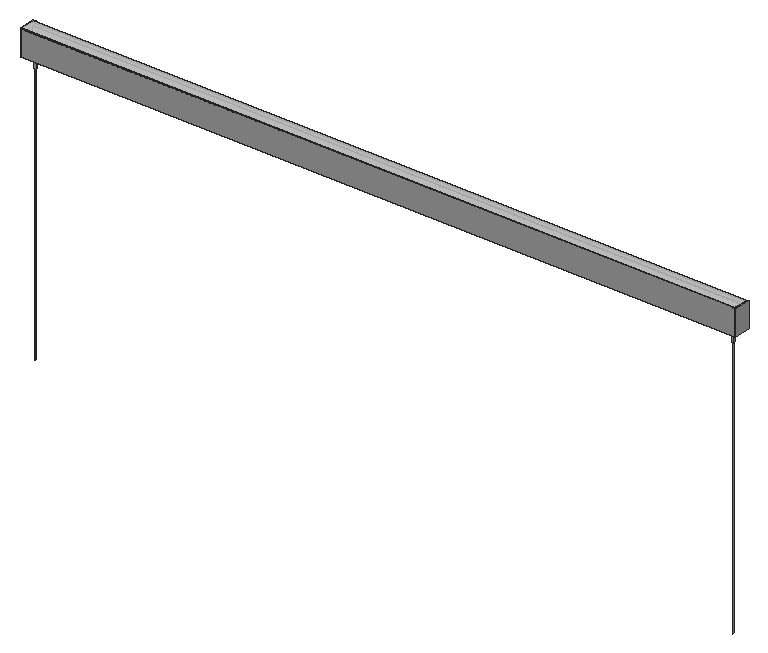
Revit family "2093150 Sylvania Lighting Fixture MC2-KIT 2-4M 3K DALIEM WHT OPAL", category Lighting Fixtures, host Face, Revit 2016
Family settings
  Host = Face
  Part Type = Normal
  Round Connector Dimension = Use Diameter
  OmniClass Number = 23.80.70.11.17
  OmniClass Title = Specialized Lighting by Location or Use
  Cut with Voids When Loaded = No
  Light Source = Yes
  Shared = No
  Room Calculation Point = No
Parameters (values of type "2093150 MC2-KIT 2.4M 3K DALIEM WHT OPAL Emergency mode")
  Width_SYL = 54.0 mm
  Weight = "6.4 kg"
  Wattage = 45 W
  WarrantyStartDate [instance] = "n/a"
  WarrantyGuarantorParts = "n/a"
  WarrantyDurationUnit = "n/a"
  WarrantyDurationParts = "n/a"
  WarrantyDescription = "n/a"
  built-in parameter 1150110 = 1 (stored number, unit not read)
  Voltage = 0 V
  URL = "http://www.sylvania-lighting.com"
  TypeName = "MC2-KIT 2.4M 3K DALIEM WHT OPAL Emergency mode"
  built-in parameter 1114217 = 1 (stored number, unit not read)
  Tilt Angle = -90.00°
  built-in parameter 1150109 = 1 (stored number, unit not read)
  built-in parameter 1150134 = (empty or 0)
  built-in parameter 1150113 = 1 (stored number, unit not read)
  SerialNumber [instance] = "n/a"
  PowerFactor = 0.98
  PowerConsumption = "45 W"
  NominalWidth = 0.0 mm
  NominalLength = 2400.0 mm
  NominalHeight = 86.0 mm
  Name = "MC2-KIT 2.4M 3K DALIEM WHT OPAL Emergency mode"
  ModelReference = "MC2-KIT 2.4M 3K DALIEM WHT OPAL"
  ModelNumber = "2093150"
  Material_3_SYL = Metal_Sylvania_Mini Contiuum II_Silver
  Photometric Web File = "2093150EM.ies"
  Material_4_SYL = Metal_Sylvania_Mini Contiuum II_Silver
  MountingHeight_SYL [instance] = 1000.0 mm
  Material = "aluminium housing, polycarbonate diffuser"
  ManufacturerName = "Feilo Sylvania"
  LuminousEfficacy = "2.688 lm/W"
  LuminaireType = ""
  LightOutputRatio = "100"
  Length_SYL = 2400.0 mm
  LampsType = Lamp  # "LED"
  LampNominalLuminous = "121 lm"
  LampMacAdamStep = "3"
  LampColourTemperature = "3000 K"
  LampColourRenderingIndex = "80"
  Keynote = "16500"
  InstallationDate [instance] = "n/a"
  InputVoltage = "n/a"
  InputNominalFrequency = "n/a"
  IngressProtection = "IP20"
  ImpactProtectionIndex = "n/a"
  IfcExportType = "IfcLightFixtureType"
  IfcExportAs = "IfcLightFixtureType"
  Height_SYL = 86.0 mm
  ExpectedLife = 50000
  Emit from Rectangle Width = Width_SYL - 2.0 mm  # 52.0 mm
  Emit from Rectangle Length = Length_SYL  # 2400.0 mm
  Emit Shape Visible in Rendering = no
  ElectricShockClassification = "Class I"
  DurationUnit = "hours"
  DocumentationLiterature = "http://www.sylvania-lighting.com/product/en-int/products/2093150"
  DimmingControlOptions = "n/a"
  CreatedOn = "10/15/2018"
  CreatedBy = "@sylvania-lighting.com"
  built-in parameter 1114216 [instance] = 1 (stored number, unit not read)
  Model = "MC2-KIT 2.4M 3K DALIEM WHT OPAL"
  Manufacturer = "Feilo Sylvania"
  built-in parameter 1150105 = 9.6289 (stored number, unit not read)
  Lumens = 121 lm
  built-in parameter 1150115 = 1 (stored number, unit not read)
  built-in parameter 1150137 = (empty or 0)
  built-in parameter 1150139 = (empty or 0)
  built-in parameter 1150112 = 1 (stored number, unit not read)
  built-in parameter 1150114 = 1 (stored number, unit not read)
  Lamp = "LED"
  built-in parameter 1150132 = 2
  built-in parameter 1150102 = (empty or 0)
  built-in parameter 1150107 = 3000 (stored number, unit not read)
  built-in parameter 1150138 = (empty or 0)
  built-in parameter 1150106 = 0.096289 (stored number, unit not read)
  Material_1_SYL = Metal_Sylvania_Mini Continuum II_White
  built-in parameter 1150104 = 0.24981 (stored number, unit not read)
  Dimming Lamp Color Temperature Shift = <None>
  Material_2_SYL = Polycarbonate_Sylvania_Mini Continuum II_Opal_4000K
  Description = "2093150   MC2-KIT 2.4M 3K DALIEM WHT OPAL  Continuous lines of LED light, white RAL 9016, direct distribution, suspended kit version is pre-wired and supplied complete with end caps and suspension cables, compact and minimalist design based on the Golden Mean, ideal for offices, meeting rooms, corridors, education facilities, museums and libraries, extruded aluminium body, diffuser: opal, colour temperature: 3000K warm white, total system power: 45W, total fixture output: 4414lm, emergency output: 218lm, luminaire efficacy: 98lm/W, LOR: 100%, colour rendering: Ra >80, LED Chromacity: 1 step MacAdam ellipse, lifetime: 60,000 hours at 90% of the original output (L90), energy class: A++, A+, A, IR/UV free light source without heat radiation, operating voltage: 220-240V / 50-60Hz, drive current: 800mA, electronic driver, DALI dimmable, integral emergency: 3 hour maintained, electrical protection: CLASS I, IP20, suitable for internal environment only."
  Default Elevation = 0.0 mm
  Color Filter = 16777215
  built-in parameter 1140040 [instance] = 1
  BarCode [instance] = "n/a"
  built-in parameter 1114218 = 1 (stored number, unit not read)
  built-in parameter 1150133 = 10 (stored number, unit not read)
  AssetType = "Fixed"
  AssetIdentifier [instance] = "n/a"
  Assembly Code = "D5020200"
  Apparent Load = 45 VA
Types (2, lengths in mm): name | TypeName | Name | Photometric Web File | LuminousEfficacy | LampNominalLuminous | built-in parameter 1150105 | Lumens | built-in parameter 1150106 | built-in parameter 1150104
  2093150 MC2-KIT 2.4M 3K DALIEM WHT OPAL Emergency mode | "MC2-KIT 2.4M 3K DALIEM WHT OPAL Emergency mode" | "MC2-KIT 2.4M 3K DALIEM WHT OPAL Emergency mode" | "2093150EM.ies" | "2.688 lm/W" | "121 lm" | 9.6289 (stored number, unit not read) | 121 lm | 0.096289 (stored number, unit not read) | 0.24981 (stored number, unit not read)
  2093150 MC2-KIT 2.4M 3K DALIEM WHT OPAL | "MC2-KIT 2.4M 3K DALIEM WHT OPAL" | "MC2-KIT 2.4M 3K DALIEM WHT OPAL" | "2093150.ies" | "98 lm/W" | "4414 lm" | 350.94 (stored number, unit not read) | 4410 lm | 3.5094 (stored number, unit not read) | 9.1045 (stored number, unit not read)
Reference planes
  plane 1 "Center (Front/Back)": y = 0
  plane 2 "Bottom Fixtures": z = 0
  plane 3 "Center (Left/Right)": x = 0
  plane 4 "Fixture Left": x = -1200
  plane 5 "Fixture Right": x = 1200
  plane 6 "Fixture Bottom": z = 1000
  plane 7: z = 998
  plane 8: z = 996
  plane 9: z = 986.951
  plane 10: z = 956.951
  plane 11 "Fixture Top": z = 914
  plane 12 "Mounting Right": x = 1172
  plane 13 "Mounting Left": x = -1172
  plane 14: z = 879
  plane 15: y = 27
  plane 16: y = -27
  plane 17: y = -26
  plane 18: y = -25
  plane 19: y = 26
  plane 20: y = 25
  plane 21: y = 11
  plane 22: y = -11
  plane 23: y = 24
  plane 24: y = 22
  plane 25: y = -22
  plane 26: y = 15
  plane 27: y = -15
  plane 28 "Upper Diffuser Left": x = -1050
  plane 29 "Upper Diffuser Right": x = 1050
  plane 30: x = -1202
  plane 31: x = 1202
Forms (mm)
  Extrusion 1, solid, material "Metal_Sylvania_Mini Continuum II_White" <- "Material_1_SYL", detail levels fine
    sketch origin (0, 0, 520) x (0, 1, 0) y (0, 0, 1)
      loop
        line (27, 480) -> (26, 480) -> (26, 478) -> (25, 478) -> (25, 396) -> (13, 396) -> (13, 398) -> (-13, 398) -> (-13, 396) -> (-25, 396) -> (-25, 478) -> (-26, 478) -> (-26, 480) -> (-27, 480) -> (-27, 394) -> (-11, 394) -> (-11, 396) -> (11, 396) -> (11, 394) -> (27, 394) -> (27, 480)
    from -1200 to 1200
  Extrusion 2, solid, material "Polycarbonate_Sylvania_Mini Continuum II_Opal_4000K" <- "Material_2_SYL", detail levels fine
    sketch origin (0, 0, 520) x (0, 1, 0) y (0, 0, 1)
      loop
        line (-26, 480) -> (-26, 478) -> (26, 478) -> (26, 480) -> (-26, 480)
    from -1200 to 1200
  Extrusion 3, solid, material "Metal_Sylvania_Mini Contiuum II_Silver" <- "Material_3_SYL", detail levels fine
    sketch origin (0, 0, 520) x (0, 1, 0) y (0, 0, 1)
      loop
        line (22, 466.951) -> (20.973, 466.951) -> (14.206, 437.951) -> (11, 437.951) -> (11, 436.951) -> (15, 436.951) -> (22, 466.951)
      loop
        line (-15, 436.951) -> (-11, 436.951) -> (-11, 437.951) -> (-14.206, 437.951) -> (-20.973, 466.951) -> (-22, 466.951) -> (-15, 436.951)
    from -1200 to 1200
  Extrusion 4, solid, material "Metal_Sylvania_Mini Continuum II_White" <- "Material_1_SYL", detail levels coarse+medium
    sketch origin (0, 0, 520) x (0, 1, 0) y (0, 0, 1)
      loop
        line (-27, 480) -> (-27, 394) -> (27, 394) -> (27, 480) -> (-27, 480)
    from -1200 to 1200
  Extrusion 5, solid, material "Metal_Sylvania_Mini Contiuum II_Silver" <- "Material_4_SYL", detail levels fine
    sketch origin (0, 0, -86) x (-1, 0, 0) y (0, -1, 0)
      loop
        circle (1172, 0) r 4
      loop
        circle (-1172, 0) r 4
    from 965 to 1002
  Extrusion 6, solid, material "Metal_Sylvania_Mini Contiuum II_Silver" <- "Material_4_SYL", detail levels fine
    sketch origin (0, 0, -86) x (-1, 0, 0) y (0, -1, 0)
      loop
        circle (-1172, 0) r 1
      loop
        circle (1172, 0) r 1
    from 86 to 965
  Extrusion 7, solid, material "Metal_Sylvania_Mini Continuum II_White" <- "Material_1_SYL"
    sketch origin (-1200, 171.684, 1219.2) x (0, 1, 0) y (0, 0, 1)
      loop
        line (-198.684, -305.2) -> (-144.684, -305.2) -> (-144.684, -219.2) -> (-198.684, -219.2) -> (-198.684, -305.2)
    from 0 to -2
  Extrusion 8, solid, material "Metal_Sylvania_Mini Continuum II_White" <- "Material_1_SYL"
    sketch origin (1200, 171.684, 1219.2) x (0, 1, 0) y (0, 0, -1)
      loop
        line (-144.684, 219.2) -> (-144.684, 305.2) -> (-198.684, 305.2) -> (-198.684, 219.2) -> (-144.684, 219.2)
    from 0 to -2
Lines and regions (mm)
  Masking region 1
    outline origin (0, 0, -86) x (-1, 0, 0) y (0, -1, 0)
      loop
        line (1200, -27) -> (1200, 27) -> (-1200, 27) -> (-1200, -27) -> (1200, -27)
  symbolic lines, detail levels fine
    curve 1: line (-1200, 26, -86) -> (1200, 26, -86)
    curve 2: line (-1200, -26, -86) -> (1200, -26, -86)
  model lines, detail levels coarse+medium
    curve 3: line (-1172, 0, 914) -> (-1172, 0, 0)
    curve 4: line (1172, 0, 914) -> (1172, 0, 0)
Dimensions and locks
  host sketch curve to plane 3 "Center (Left/Right)" to host sketch curve = 820.0 mm, 775.047 mm
  equal spacing: plane 4 "Fixture Left", plane 3 "Center (Left/Right)", plane 5 "Fixture Right"
  "Length_SYL": plane 4 "Fixture Left" to plane 5 "Fixture Right"
  plane 6 "Fixture Bottom" to plane 7 to plane 8 to plane 9 to plane 10 = 2.0 mm locked, 2.0 mm locked, 9.049 mm locked, 30.0 mm locked
  locked: Extrusion 1 sketch curve to Extrusion 1 sketch curve at 2
  locked: Extrusion 1 sketch curve to plane 11 "Fixture Top" at 2
  "Height_SYL": plane 6 "Fixture Bottom" to plane 11 "Fixture Top"
  locked: plane 12 "Mounting Right" to plane 5 "Fixture Right" at 28
  locked: plane 4 "Fixture Left" to plane 13 "Mounting Left" at 28
  locked: plane 11 "Fixture Top" to plane 14 at 35
  "MountingHeight_SYL": plane 6 "Fixture Bottom" to plane 2 "Bottom Fixtures"
  equal spacing: plane 15, plane 1 "Center (Front/Back)", plane 16
  "Width_SYL": plane 15 to plane 16
  plane 22 to plane 27 to plane 25 to plane 18 to plane 17 to plane 16 = 4.0 mm locked, 7.0 mm locked, 3.0 mm locked, 1.0 mm locked, 1.0 mm locked
  plane 15 to plane 19 to plane 20 to plane 23 to plane 24 to plane 26 to plane 21 = 1.0 mm locked, 1.0 mm locked, 1.0 mm locked, 2.0 mm locked, 7.0 mm locked, 4.0 mm locked
  locked: plane 4 "Fixture Left" to plane 28 "Upper Diffuser Left" at 150
  locked: plane 29 "Upper Diffuser Right" to plane 5 "Fixture Right" at 150
  equal spacing: plane 30, plane 3 "Center (Left/Right)", plane 31
  locked: plane 30 to plane 4 "Fixture Left" at 2
  aligned and locked: plane 2 "Bottom Fixtures" to host face
  aligned and locked: level to host face
  aligned and locked: plane 5 "Fixture Right" to curve 1
  aligned and locked: plane 4 "Fixture Left" to curve 1
  aligned and locked: plane 4 "Fixture Left" to curve 2
  aligned and locked: plane 5 "Fixture Right" to curve 2
  aligned and locked: Extrusion 1 sketch curve to plane 7
  aligned and locked: plane 6 "Fixture Bottom" to Extrusion 1 sketch curve  (x2)
  aligned and locked: plane 7 to Extrusion 1 sketch curve
  aligned and locked: Extrusion 1 to Extrusion 2 sketch curve
  aligned and locked: Extrusion 2 sketch curve to Extrusion 1  (x3)
  aligned and locked: Extrusion 3 sketch curve to plane 10
  aligned and locked: plane 9 to Extrusion 3 sketch curve
  aligned and locked: Extrusion 3 sketch curve to plane 9
  aligned and locked: Extrusion 4 sketch curve to plane 6 "Fixture Bottom"
  aligned and locked: Extrusion 4 to plane 4 "Fixture Left"
  aligned and locked: Extrusion 2 to plane 4 "Fixture Left"
  aligned and locked: Extrusion 3 to plane 4 "Fixture Left"
  aligned and locked: Extrusion 1 to plane 4 "Fixture Left"
  aligned and locked: Extrusion 4 to plane 5 "Fixture Right"
  aligned and locked: Extrusion 2 to plane 5 "Fixture Right"
  aligned and locked: Extrusion 3 to plane 5 "Fixture Right"
  aligned and locked: Extrusion 1 to plane 5 "Fixture Right"
  aligned and locked: plane 11 "Fixture Top" to Extrusion 4 sketch curve
  aligned and locked: Extrusion 1 sketch curve to plane 11 "Fixture Top"  (x2)
  aligned and locked: Extrusion 1 sketch curve to Extrusion 1 sketch curve
  aligned and locked: plane 6 "Fixture Bottom" to imposter light
  aligned and locked: plane 11 "Fixture Top" to curve 3
  aligned and locked: plane 2 "Bottom Fixtures" to curve 3
  aligned and locked: plane 11 "Fixture Top" to curve 4
  aligned and locked: plane 2 "Bottom Fixtures" to curve 4
  aligned and locked: curve 4 to plane 12 "Mounting Right"
  aligned and locked: curve 3 to plane 13 "Mounting Left"
  aligned and locked: Extrusion 5 to Extrusion 1
  aligned and locked: Extrusion 5 to plane 14
  aligned and locked: plane 14 to Extrusion 6
  aligned and locked: Extrusion 6 to level
  aligned and locked: plane 21 to Extrusion 3 sketch curve
  aligned and locked: Extrusion 3 sketch curve to plane 22
  aligned and locked: Extrusion 7 sketch curve to Extrusion 4  (x4)
  aligned and locked: Extrusion 7 to plane 30
  aligned and locked: plane 4 "Fixture Left" to Extrusion 7
  aligned and locked: Extrusion 8 sketch curve to Extrusion 4  (x4)
  aligned and locked: plane 31 to Extrusion 8
  aligned and locked: plane 5 "Fixture Right" to Extrusion 8
Automatic sketch dimensions
  host sketch curve to host sketch curve = 1047.463 mm
  plane 19 to curve 1 = 0.0 mm
  curve 2 to plane 17 = 0.0 mm
  Masking region 1 sketch curve to plane 5 "Fixture Right" = 0.0 mm
  Masking region 1 sketch curve to plane 4 "Fixture Left" = 0.0 mm
  plane 15 to Masking region 1 sketch curve = 0.0 mm
  Masking region 1 sketch curve to plane 16 = 0.0 mm
  Extrusion 1 sketch curve to plane 16 = 0.0 mm
  Extrusion 1 sketch curve to plane 17 = 0.0 mm
  Extrusion 1 sketch curve to plane 18 = 0.0 mm
  Extrusion 1 sketch curve to plane 22 = 0.0 mm
  Extrusion 1 sketch curve to plane 21 = 0.0 mm
  Extrusion 1 sketch curve to plane 20 = 0.0 mm
  Extrusion 1 sketch curve to plane 19 = 0.0 mm
  Extrusion 1 sketch curve to plane 15 = 0.0 mm
  plane 11 "Fixture Top" to Extrusion 1 sketch curve = 2.0 mm
  Extrusion 1 sketch curve to plane 22 = 2.0 mm
  Extrusion 1 sketch curve to plane 21 = 2.0 mm
  Extrusion 3 sketch curve to plane 25 = 0.0 mm
  Extrusion 3 sketch curve to plane 27 = 0.0 mm
  Extrusion 3 sketch curve to plane 26 = 0.0 mm
  Extrusion 3 sketch curve to plane 24 = 0.0 mm
  plane 10 to Extrusion 3 sketch curve = 1.0 mm
  Extrusion 3 sketch curve to Extrusion 3 sketch curve = 1.027 mm
  plane 27 to Extrusion 3 sketch curve = 0.794 mm
  plane 26 to Extrusion 3 sketch curve = 0.794 mm
  plane 24 to Extrusion 3 sketch curve = 1.027 mm
  Extrusion 4 sketch curve to plane 16 = 0.0 mm
  Extrusion 4 sketch curve to plane 15 = 0.0 mm
  plane 1 "Center (Front/Back)" to Extrusion 5 sketch curve = 0.0 mm  (x2)
  Extrusion 5 sketch curve to plane 12 "Mounting Right" = 0.0 mm
  Extrusion 5 sketch curve to plane 13 "Mounting Left" = 0.0 mm
  plane 1 "Center (Front/Back)" to Extrusion 6 sketch curve = 0.0 mm  (x2)
  Extrusion 6 sketch curve to plane 12 "Mounting Right" = 0.0 mm
  Extrusion 6 sketch curve to plane 13 "Mounting Left" = 0.0 mm
  Extrusion 3 sketch curve to Extrusion 3 sketch curve = 0.0 mm
  Extrusion 3 sketch curve to plane 10 = 0.0 mm
  radius of Extrusion 5 sketch curve = 4.0 mm  (x2)
  radius of Extrusion 6 sketch curve = 1.0 mm  (x2)
Connectors
  electrical at (1200, 0, 949), driven by "Apparent Load"
    settings: on Extrusion 1, index 1, voltage 230 V, apparent load 0 VA, apparent load phase1 45 VA, apparent load phase2 0 VA, apparent load phase3 0 VA, power factor 1, load classification "Lighting", number of poles 1, system type 31, power factor state 1, is connector primary yes, connector utility no, sub classification motor no, connector description ""
